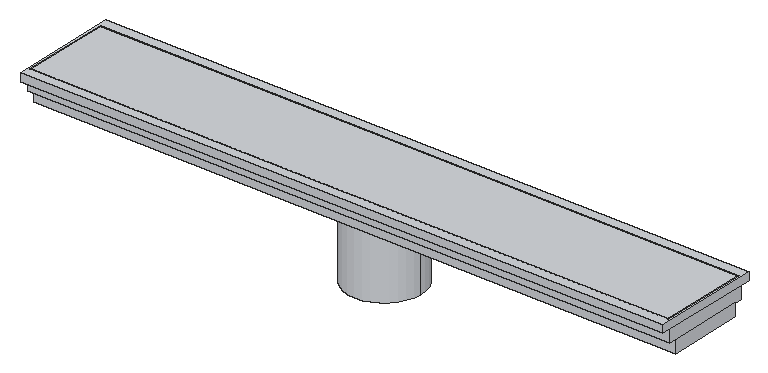
Revit family "Entwässerungsrinne zusammenschraubbar", category Sanitärinstallationen, Revit 2020
Family settings
  Bemaßung runder Anschluss = Durchmesser verwenden
  Teiletyp = Normal
  Arbeitsebenenbasiert = Nein
  Immer vertikal = Ja
  Beim Laden mit Abzugskörper schneiden = Nein
  Gemeinsam genutzt = Nein
  Raumberechnungspunkt = Nein
Parameters
  Übergangsbride [instance] = no
  Vorgabe-Ansicht = 0 mm
  Verbindungsbügel [instance] = L Links + L Rechts  # 1000 mm
  URL = "https://www.resitec.ch/"
  Tragstab 30mm [instance] = yes
  Tragstab 25mm [instance] = no
  Tragstab 20mm [instance] = no
  Rinnen Breite rechts [instance] = 500 mm
  Rinnen Breite links [instance] = 500 mm
  Rinnen Breite innen [instance] = 137 mm
  RS_s002 = 1.8 mm  # constant formula
  RS_s001 = 3 mm  # constant formula
  RS_rechtsKR [instance] = L Rechts + RS_KR  # 495 mm
  RS_linksKR [instance] = L Links + RS_KR  # 495 mm
  RS_hts [instance] = if(Tragstab 20mm, 1 mm, if(Tragstab 25mm, 2 mm, if(Tragstab 30mm, 3 mm, 3 mm)))  # 3 mm
  RS_gefun [instance] = 60 mm
  RS_gefob [instance] = 40 mm
  RS_dimmin95 [instance] = 100 mm
  RS_dimk001 = 115 mm  # constant formula
  RS_dim001 = 12 mm  # constant formula
  RS_dim002 [instance] = if(RS_hts = 1 mm, 20 mm + 2 mm, if(RS_hts = 2 mm, 25 mm + 2 mm, if(RS_hts = 3 mm, 30 mm + 2 mm, 32 mm)))  # 32 mm
  RS_dim003 = 51.5 mm  # constant formula
  RS_dia002 = 110 mm
  RS_dia001 = 114.7 mm  # constant formula
  RS_breite Rand [instance] = 15 mm  # constant formula
  RS_RohrL [instance] = if(Länge Rohr < RS_gefun, ((RS_gefun + 10 mm) - RS_gefob), Länge Rohr)  # 150 mm
  RS_KRvorne [instance] = (Breite Aussen ref / 2) + RS_KR  # 78.5 mm
  RS_KRon [instance] = no
  RS_KRhinten [instance] = (Breite Aussen ref / 2) + RS_KR  # 78.5 mm
  RS_KR [instance] = -5 mm  # constant formula
  RS_DVol-T = 300 mm
  RS_DVol-L = 300 mm
  RS_DN2 = 0 mm
  RS_DN1d = 65 mm
  RS_DN1 = 40 mm
  RS_URL = "https://resitec.ch/entwaesserungstechnik/entwaesserungsrinnen/rinnen/"
  RS_Rost_Typ [instance] = ""
  RS_Manufacture = "Resitec"  # constant formula
  RS_Description [instance] = "zusammenschraubbar"
  RS_Articelnumber [instance] = "Entwässerungsrinne"
  Länge Rohr [instance] = 150 mm
  L Rechts Innen ref [instance] = L Rechts - RS_s001  # 497 mm
  L Rechts [instance] = Rinnen Breite rechts  # 500 mm
  L Links innen ref [instance] = L Links - RS_s001  # 497 mm
  L Links [instance] = Rinnen Breite links  # 500 mm
  Hersteller = RS_Manufacture  # "Resitec"
  Breite Innen ref [instance] = Rinnen Breite innen  # 137 mm
  Breite Aussen ref [instance] = Rinnen Breite innen + (2 * RS_breite Rand)  # 167 mm
  Description = ""
  Baugruppenkennzeichen = "D2030300"
  Anschlusswert DU L/s = 0
  Anschluss Rechts [instance] = no
  Anschluss Links [instance] = no
Reference planes
  plane 1 "Mitte (Vorne/hinten)": y = 0
  plane 2: z = 0
  plane 3 "Mitte (Links/rechts)": x = 0
  plane 4: x = -500
  plane 5: x = 500
  plane 6: y = 68.5
  plane 7: y = -68.5
  plane 8: y = 83.5
  plane 9: y = -83.5
  plane 10: x = -497
  plane 11: x = 497
  plane 12 "ebeneKBlech": z = -12
  plane 13 "lvdim002": z = -32
  plane 14: y = 57.5
  plane 15: y = -57.5
  plane 16: y = 78.5
  plane 17: x = 495
  plane 18: y = -78.5
  plane 19: x = -495
  plane 20: z = -150
  plane 21: x = -496
  plane 22: y = -67.5
  plane 23: x = 496
  plane 24: y = 67.5
  plane 25: z = -51.5
Forms (mm)
  Extrusion 1, solid
    sketch origin (0, 0, 0) x (1, 0, 0) y (0, 1, 0)
      loop
        line (-500, 83.5) -> (-500, -83.5) -> (500, -83.5) -> (500, 83.5) -> (-500, 83.5)
      loop
        line (497, 68.5) -> (-497, 68.5) -> (-497, -68.5) -> (497, -68.5) -> (497, 68.5)
    from 0 to -12
  Extrusion 2, solid, visible <- "RS_KRon"
    sketch origin (0, 0, -12) x (-1, 0, 0) y (0, -1, 0)
      loop
        line (495, -78.5) -> (495, 78.5) -> (-495, 78.5) -> (-495, -78.5) -> (495, -78.5)
      loop
        line (500, -83.5) -> (500, 83.5) -> (-500, 83.5) -> (-500, -83.5) -> (500, -83.5)
    from 0 to -3
  Extrusion 3, solid
    sketch origin (0, 0, -40) x (-1, 0, 0) y (0, -1, 0)
      loop
        circle (0, 0) r 57.35
    from 8 to -110
  Extrusion 4, solid
    sketch origin (0, 0, -12) x (-1, 0, 0) y (0, -1, 0)
      loop
        line (500, -68.5) -> (500, 68.5) -> (-500, 68.5) -> (-500, -68.5) -> (500, -68.5)
    from 0 to -20
  Extrusion 5, solid
    sketch origin (0, 0, -12) x (-1, 0, 0) y (0, -1, 0)
      loop
        line (496, -67.5) -> (496, 67.5) -> (-496, 67.5) -> (-496, -67.5) -> (496, -67.5)
    from 0 to 12
  Extrusion 6, solid
    sketch origin (0, 0, 0) x (1, 0, 0) y (0, 1, 0)
      loop
        line (-500, 57.5) -> (-500, -57.5) -> (500, -57.5) -> (500, 57.5) -> (-500, 57.5)
    from -32 to -51.5
Dimensions and locks
  equal spacing: plane 7, plane 1 "Mitte (Vorne/hinten)", plane 6
  "L Links": plane 4 to plane 3 "Mitte (Links/rechts)"
  "L Rechts": plane 3 "Mitte (Links/rechts)" to plane 5
  "Breite Innen ref": plane 6 to plane 7
  equal spacing: plane 9, plane 1 "Mitte (Vorne/hinten)", plane 8
  "Breite Aussen ref": plane 8 to plane 9
  "L Links innen ref": plane 10 to plane 3 "Mitte (Links/rechts)"
  "L Rechts Innen ref": plane 3 "Mitte (Links/rechts)" to plane 11
  "RS_dim001": level to plane 12 "ebeneKBlech"
  "RS_dim002": level to plane 13 "lvdim002"
  equal spacing: plane 15, plane 1 "Mitte (Vorne/hinten)", plane 14
  "RS_dimk001": plane 14 to plane 15
  "RS_linksKR": plane 19 to plane 3 "Mitte (Links/rechts)"
  "RS_rechtsKR": plane 3 "Mitte (Links/rechts)" to plane 17
  "RS_KRhinten": plane 1 "Mitte (Vorne/hinten)" to plane 16
  "RS_KRvorne": plane 18 to plane 1 "Mitte (Vorne/hinten)"
  locked: plane 24 to plane 6 at 1
  locked: plane 10 to plane 21 at 1
  locked: plane 23 to plane 11 at 1
  locked: plane 22 to plane 7 at 1
  "RS_s001": plane 12 "ebeneKBlech" to Extrusion 2
  "RS_dim003": level to plane 25
  "Länge Rohr": level to plane 20
  "RS_dia001": diameter of Extrusion 3 sketch curve
  aligned and locked: level to plane 2
  aligned and locked: plane 6 to Extrusion 1 sketch curve
  aligned and locked: plane 11 to Extrusion 1 sketch curve
  aligned and locked: Extrusion 1 sketch curve to plane 7
  aligned and locked: Extrusion 1 sketch curve to plane 10
  aligned and locked: Extrusion 1 sketch curve to plane 8
  aligned and locked: Extrusion 1 sketch curve to plane 5
  aligned and locked: plane 9 to Extrusion 1 sketch curve
  aligned and locked: plane 4 to Extrusion 1 sketch curve
  aligned and locked: Extrusion 2 sketch curve to Extrusion 1  (x4)
  aligned and locked: plane 19 to Extrusion 2 sketch curve
  aligned and locked: Extrusion 2 sketch curve to plane 18
  aligned and locked: Extrusion 2 sketch curve to plane 17
  aligned and locked: Extrusion 2 sketch curve to plane 16
  aligned and locked: Extrusion 3 to plane 20
  aligned and locked: Extrusion 4 sketch curve to Extrusion 1  (x2)
  aligned and locked: Extrusion 5 sketch curve to plane 21
  aligned and locked: plane 23 to Extrusion 5 sketch curve
  aligned and locked: level to Extrusion 5
  aligned and locked: Extrusion 5 to plane 12 "ebeneKBlech"
  aligned and locked: plane 12 "ebeneKBlech" to Extrusion 2
  aligned and locked: Extrusion 1 to plane 12 "ebeneKBlech"
  aligned and locked: plane 13 "lvdim002" to Extrusion 3
  aligned and locked: Extrusion 6 to plane 25
  aligned and locked: plane 13 "lvdim002" to Extrusion 6
  aligned and locked: plane 5 to Extrusion 6
  aligned and locked: Extrusion 4 to plane 4
  aligned and locked: Extrusion 6 to plane 4
  aligned and locked: Extrusion 4 to plane 13 "lvdim002"
  aligned and locked: plane 5 to Extrusion 4
Automatic sketch dimensions
  plane 24 to Extrusion 5 sketch curve = 0 mm
  Extrusion 5 sketch curve to plane 22 = 0 mm
  Extrusion 6 sketch curve to plane 10 = 3 mm
  plane 11 to Extrusion 6 sketch curve = 3 mm
  Extrusion 6 sketch curve to plane 15 = 0 mm
  Extrusion 6 sketch curve to plane 14 = 0 mm
  plane 11 to Extrusion 4 sketch curve = 3 mm
  Extrusion 4 sketch curve to plane 10 = 3 mm
  plane 1 "Mitte (Vorne/hinten)" to Extrusion 3 sketch curve = 0 mm
  Extrusion 3 sketch curve to plane 3 "Mitte (Links/rechts)" = 0 mm
